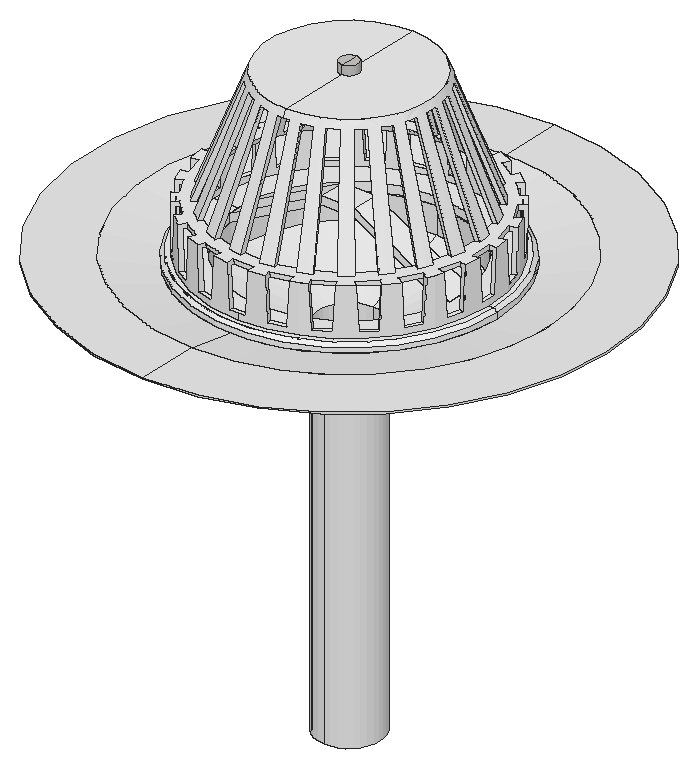
Revit family "Plumbing_Drainage_Menzies-Metal_Clamp-Tite_Aluminum-Drain-TPO", category Plumbing Fixtures, host Face, Revit 2018
Family settings
  Host = Face
  Round Connector Dimension = Use Diameter
  Part Type = Normal
  OmniClass Number = 23.70.50.21.24.11
  OmniClass Title = Roof Waste Water Drains
  Cut with Voids When Loaded = No
  Shared = No
  Room Calculation Point = No
Parameters (values of type "2"")
  Weight = 3.70 lbf
  URL = "https://www.menzies-metal.com/tpo-products/clamp-tite-spun-aluminum-drain-tpo/"
  Product data url = "https://www.bimobject.com/menzies-metal/product/clamptite-aluminum-tpo"
  Product Material = Metal - Menzies Metal Products - Aluminium TPO Coated
  Product Guid = "c5f74f9d-63ae-4ed8-98f6-27b9353a15ad"
  Pipe Length Note = "Longer pipes available.  Pipes can be field cut to the desired length."  # constant formula
  Pipe Length = 0' - 11"
  Pipe Diameter = 1 7/8"
  Model = "300-3390TPO"
  Manufacturer = "Menzies Metal Products"  # constant formula
  Edition number = 1
  Drain Flow = 0 GPM
  Description = "Clamp-Tite Spun Aluminum Drain TPO"  # constant formula
  Default Elevation = 4' - 0"
  Assembly Code = "D2040200"
Types (5): name | Weight | Product Material | Pipe Diameter | Model
  2" | 3.70 lbf | Metal - Menzies Metal Products - Aluminium TPO Coated | 1 7/8" | "300-3390TPO"
  3" | 3.95 lbf | Metal - Menzies Metal Products - Aluminum | 2 3/4" | "300-3395TPO"
  4" | 4.00 lbf | Metal - Menzies Metal Products - Aluminum | 3 3/4" | "300-3400TPO"
  5" | 5.00 lbf | Metal - Menzies Metal Products - Aluminum | 4 3/4" | "300-3401TPO"
  6" | 6.00 lbf | Metal - Menzies Metal Products - Aluminum | 5 3/4" | "300-3402TPO"
Reference planes (in)
  plane 1 "Center (Front/Back)": y = 0
  plane 2: z = 0
  plane 3 "Center (Left/Right)": x = 0
  plane 4: z = -12.94133
  plane 5: y = 0.9375
  plane 6: y = -0.9375
  plane 7: y = 0.40591
  plane 8: y = -0.40591
  plane 9: z = -1.94133
  plane 10: z = 0.05867
Forms (in)
  Revolve 1, solid, material "Metal - Menzies Metal Products - Aluminum", detail levels coarse
    sketch origin (0, 0, 0) x (0, 1, 0) y (0, 0, 1)
      loop
        line (2.40013, 4.98) -> (0, 4.98) -> (0, 0.05387) -> (4.23823, 0.05387) -> (4.23823, 1.48) -> (3.74365, 1.48) -> (2.40013, 4.98)
      axis (0, 4.98) -> (0, 0.05387)
    angle from 0 to 360
  Revolve 2, solid, material "Metal - Menzies Metal Products - Aluminium TPO Coated" <- "Product Material", detail levels coarse
    sketch origin (0, 0, 0) x (0, 1, 0) y (0, 0, 1)
      loop
        line (7.812, 0.05) -> (0, 0.05) -> (0, -12.94133) -> (0.9375, -12.94133) -> (0.9375, -1.863) -> (3.425, -0.98037) -> (3.425, -0.25) -> (4.5, -0.25) -> (6, 0) -> (7.812, 0) -> (7.812, 0.05)
      axis (0, 0.05) -> (0, -12.94133)
    angle from 0 to 360
  Revolve 3, solid, material "Metal - Menzies Metal Products - Stainless Steel", detail levels medium+fine
    sketch origin (0, 0, 0) x (0, 1, 0) y (0, 0, 1)
      loop
        line (0.27255, 5.23) -> (0, 5.23) -> (0, 0.98) -> (0.11813, 0.98) -> (0.11813, 4.98) -> (0.27255, 4.98) -> (0.27255, 5.23)
      axis (0, 5.23) -> (0, 0.98)
    angle from 0 to 360
  Revolve 4, solid, material "Metal - Menzies Metal Products - Aluminum", detail levels medium+fine
    sketch origin (0, 0, 0) x (0, 1, 0) y (0, 0, 1)
      loop
        line (2.40013, 4.98) -> (0, 4.98) -> (0, 4.855) -> (2.31422, 4.855) -> (3.65774, 1.355) -> (4.11323, 1.355) -> (4.11323, 0.05387) -> (4.23823, 0.05387) -> (4.23823, 1.48) -> (3.74365, 1.48) -> (2.40013, 4.98)
      axis (0, 4.98) -> (0, 0.05387)
    angle from 0 to 360
  Extrusion 5, void
    sketch origin (0, 0, 0) x (-1, 0, 0) y (0, 0, 1)
      loop
        line (0.17396, 4.76) -> (-0.17396, 4.76) -> (-0.2885, 1.48) -> (0.2885, 1.48) -> (0.17396, 4.76)
    from -4.68215 to -1.5
  Extrusion 6, void
    sketch origin (0, 0, 0) x (1, 0, 0) y (0, 0, 1)
      loop
        line (-0.25077, 0.23171) -> (0.25077, 0.23171) -> (0.31619, 1.48) -> (-0.31619, 1.48) -> (-0.25077, 0.23171)
    from 4.0004 to 4.40138
  Extrusion 7, void
    sketch origin (0, 0, 0) x (-0.965926, -0.258819, 0) y (0, 0, 1)
      loop
        line (0.17396, 4.76) -> (-0.17396, 4.76) -> (-0.2885, 1.48) -> (0.2885, 1.48) -> (0.17396, 4.76)
    from -4.68215 to -1.5
  Extrusion 8, void
    sketch origin (0, 0, 0) x (0.965926, 0.258819, 0) y (0, 0, 1)
      loop
        line (-0.25077, 0.23171) -> (0.25077, 0.23171) -> (0.31619, 1.48) -> (-0.31619, 1.48) -> (-0.25077, 0.23171)
    from 4.0004 to 4.40138
  Extrusion 9, void
    sketch origin (0, 0, 0) x (-0.866025, -0.5, 0) y (0, 0, 1)
      loop
        line (0.17396, 4.76) -> (-0.17396, 4.76) -> (-0.2885, 1.48) -> (0.2885, 1.48) -> (0.17396, 4.76)
    from -4.68215 to -1.5
  Extrusion 10, void
    sketch origin (0, 0, 0) x (0.866025, 0.5, 0) y (0, 0, 1)
      loop
        line (-0.25077, 0.23171) -> (0.25077, 0.23171) -> (0.31619, 1.48) -> (-0.31619, 1.48) -> (-0.25077, 0.23171)
    from 4.0004 to 4.40138
  Extrusion 11, void
    sketch origin (0, 0, 0) x (-0.707107, -0.707107, 0) y (0, 0, 1)
      loop
        line (0.17396, 4.76) -> (-0.17396, 4.76) -> (-0.2885, 1.48) -> (0.2885, 1.48) -> (0.17396, 4.76)
    from -4.68215 to -1.5
  Extrusion 12, void
    sketch origin (0, 0, 0) x (0.707107, 0.707107, 0) y (0, 0, 1)
      loop
        line (-0.25077, 0.23171) -> (0.25077, 0.23171) -> (0.31619, 1.48) -> (-0.31619, 1.48) -> (-0.25077, 0.23171)
    from 4.0004 to 4.40138
  Extrusion 13, void
    sketch origin (0, 0, 0) x (-0.5, -0.866025, 0) y (0, 0, 1)
      loop
        line (0.17396, 4.76) -> (-0.17396, 4.76) -> (-0.2885, 1.48) -> (0.2885, 1.48) -> (0.17396, 4.76)
    from -4.68215 to -1.5
  Extrusion 14, void
    sketch origin (0, 0, 0) x (0.5, 0.866025, 0) y (0, 0, 1)
      loop
        line (-0.25077, 0.23171) -> (0.25077, 0.23171) -> (0.31619, 1.48) -> (-0.31619, 1.48) -> (-0.25077, 0.23171)
    from 4.0004 to 4.40138
  Extrusion 15, void
    sketch origin (0, 0, 0) x (-0.258819, -0.965926, 0) y (0, 0, 1)
      loop
        line (0.17396, 4.76) -> (-0.17396, 4.76) -> (-0.2885, 1.48) -> (0.2885, 1.48) -> (0.17396, 4.76)
    from -4.68215 to -1.5
  Extrusion 16, void
    sketch origin (0, 0, 0) x (0.258819, 0.965926, 0) y (0, 0, 1)
      loop
        line (-0.25077, 0.23171) -> (0.25077, 0.23171) -> (0.31619, 1.48) -> (-0.31619, 1.48) -> (-0.25077, 0.23171)
    from 4.0004 to 4.40138
  Extrusion 17, void
    sketch origin (0, 0, 0) x (0, -1, 0) y (0, 0, 1)
      loop
        line (0.17396, 4.76) -> (-0.17396, 4.76) -> (-0.2885, 1.48) -> (0.2885, 1.48) -> (0.17396, 4.76)
    from -4.68215 to -1.5
  Extrusion 18, void
    sketch origin (0, 0, 0) x (0, 1, 0) y (0, 0, 1)
      loop
        line (-0.25077, 0.23171) -> (0.25077, 0.23171) -> (0.31619, 1.48) -> (-0.31619, 1.48) -> (-0.25077, 0.23171)
    from 4.0004 to 4.40138
  Extrusion 19, void
    sketch origin (0, 0, 0) x (0.258819, -0.965926, 0) y (0, 0, 1)
      loop
        line (0.17396, 4.76) -> (-0.17396, 4.76) -> (-0.2885, 1.48) -> (0.2885, 1.48) -> (0.17396, 4.76)
    from -4.68215 to -1.5
  Extrusion 20, void
    sketch origin (0, 0, 0) x (-0.258819, 0.965926, 0) y (0, 0, 1)
      loop
        line (-0.25077, 0.23171) -> (0.25077, 0.23171) -> (0.31619, 1.48) -> (-0.31619, 1.48) -> (-0.25077, 0.23171)
    from 4.0004 to 4.40138
  Extrusion 21, void
    sketch origin (0, 0, 0) x (0.5, -0.866025, 0) y (0, 0, 1)
      loop
        line (0.17396, 4.76) -> (-0.17396, 4.76) -> (-0.2885, 1.48) -> (0.2885, 1.48) -> (0.17396, 4.76)
    from -4.68215 to -1.5
  Extrusion 22, void
    sketch origin (0, 0, 0) x (-0.5, 0.866025, 0) y (0, 0, 1)
      loop
        line (-0.25077, 0.23171) -> (0.25077, 0.23171) -> (0.31619, 1.48) -> (-0.31619, 1.48) -> (-0.25077, 0.23171)
    from 4.0004 to 4.40138
  Extrusion 23, void
    sketch origin (0, 0, 0) x (0.707107, -0.707107, 0) y (0, 0, 1)
      loop
        line (0.17396, 4.76) -> (-0.17396, 4.76) -> (-0.2885, 1.48) -> (0.2885, 1.48) -> (0.17396, 4.76)
    from -4.68215 to -1.5
  Extrusion 24, void
    sketch origin (0, 0, 0) x (-0.707107, 0.707107, 0) y (0, 0, 1)
      loop
        line (-0.25077, 0.23171) -> (0.25077, 0.23171) -> (0.31619, 1.48) -> (-0.31619, 1.48) -> (-0.25077, 0.23171)
    from 4.0004 to 4.40138
  Extrusion 25, void
    sketch origin (0, 0, 0) x (0.866025, -0.5, 0) y (0, 0, 1)
      loop
        line (0.17396, 4.76) -> (-0.17396, 4.76) -> (-0.2885, 1.48) -> (0.2885, 1.48) -> (0.17396, 4.76)
    from -4.68215 to -1.5
  Extrusion 26, void
    sketch origin (0, 0, 0) x (-0.866025, 0.5, 0) y (0, 0, 1)
      loop
        line (-0.25077, 0.23171) -> (0.25077, 0.23171) -> (0.31619, 1.48) -> (-0.31619, 1.48) -> (-0.25077, 0.23171)
    from 4.0004 to 4.40138
  Extrusion 27, void
    sketch origin (0, 0, 0) x (0.965926, -0.258819, 0) y (0, 0, 1)
      loop
        line (0.17396, 4.76) -> (-0.17396, 4.76) -> (-0.2885, 1.48) -> (0.2885, 1.48) -> (0.17396, 4.76)
    from -4.68215 to -1.5
  Extrusion 28, void
    sketch origin (0, 0, 0) x (-0.965926, 0.258819, 0) y (0, 0, 1)
      loop
        line (-0.25077, 0.23171) -> (0.25077, 0.23171) -> (0.31619, 1.48) -> (-0.31619, 1.48) -> (-0.25077, 0.23171)
    from 4.0004 to 4.40138
  Extrusion 29, void
    sketch origin (0, 0, 0) x (1, 0, 0) y (0, 0, 1)
      loop
        line (0.17396, 4.76) -> (-0.17396, 4.76) -> (-0.2885, 1.48) -> (0.2885, 1.48) -> (0.17396, 4.76)
    from -4.68215 to -1.5
  Extrusion 30, void
    sketch origin (0, 0, 0) x (-1, 0, 0) y (0, 0, 1)
      loop
        line (-0.25077, 0.23171) -> (0.25077, 0.23171) -> (0.31619, 1.48) -> (-0.31619, 1.48) -> (-0.25077, 0.23171)
    from 4.0004 to 4.40138
  Extrusion 31, void
    sketch origin (0, 0, 0) x (0.965926, 0.258819, 0) y (0, 0, 1)
      loop
        line (0.17396, 4.76) -> (-0.17396, 4.76) -> (-0.2885, 1.48) -> (0.2885, 1.48) -> (0.17396, 4.76)
    from -4.68215 to -1.5
  Extrusion 32, void
    sketch origin (0, 0, 0) x (-0.965926, -0.258819, 0) y (0, 0, 1)
      loop
        line (-0.25077, 0.23171) -> (0.25077, 0.23171) -> (0.31619, 1.48) -> (-0.31619, 1.48) -> (-0.25077, 0.23171)
    from 4.0004 to 4.40138
  Extrusion 33, void
    sketch origin (0, 0, 0) x (0.866025, 0.5, 0) y (0, 0, 1)
      loop
        line (0.17396, 4.76) -> (-0.17396, 4.76) -> (-0.2885, 1.48) -> (0.2885, 1.48) -> (0.17396, 4.76)
    from -4.68215 to -1.5
  Extrusion 34, void
    sketch origin (0, 0, 0) x (-0.866025, -0.5, 0) y (0, 0, 1)
      loop
        line (-0.25077, 0.23171) -> (0.25077, 0.23171) -> (0.31619, 1.48) -> (-0.31619, 1.48) -> (-0.25077, 0.23171)
    from 4.0004 to 4.40138
  Extrusion 35, void
    sketch origin (0, 0, 0) x (0.707107, 0.707107, 0) y (0, 0, 1)
      loop
        line (0.17396, 4.76) -> (-0.17396, 4.76) -> (-0.2885, 1.48) -> (0.2885, 1.48) -> (0.17396, 4.76)
    from -4.68215 to -1.5
  Extrusion 36, void
    sketch origin (0, 0, 0) x (-0.707107, -0.707107, 0) y (0, 0, 1)
      loop
        line (-0.25077, 0.23171) -> (0.25077, 0.23171) -> (0.31619, 1.48) -> (-0.31619, 1.48) -> (-0.25077, 0.23171)
    from 4.0004 to 4.40138
  Extrusion 37, void
    sketch origin (0, 0, 0) x (0.5, 0.866025, 0) y (0, 0, 1)
      loop
        line (0.17396, 4.76) -> (-0.17396, 4.76) -> (-0.2885, 1.48) -> (0.2885, 1.48) -> (0.17396, 4.76)
    from -4.68215 to -1.5
  Extrusion 38, void
    sketch origin (0, 0, 0) x (-0.5, -0.866025, 0) y (0, 0, 1)
      loop
        line (-0.25077, 0.23171) -> (0.25077, 0.23171) -> (0.31619, 1.48) -> (-0.31619, 1.48) -> (-0.25077, 0.23171)
    from 4.0004 to 4.40138
  Extrusion 39, void
    sketch origin (0, 0, 0) x (0.258819, 0.965926, 0) y (0, 0, 1)
      loop
        line (0.17396, 4.76) -> (-0.17396, 4.76) -> (-0.2885, 1.48) -> (0.2885, 1.48) -> (0.17396, 4.76)
    from -4.68215 to -1.5
  Extrusion 40, void
    sketch origin (0, 0, 0) x (-0.258819, -0.965926, 0) y (0, 0, 1)
      loop
        line (-0.25077, 0.23171) -> (0.25077, 0.23171) -> (0.31619, 1.48) -> (-0.31619, 1.48) -> (-0.25077, 0.23171)
    from 4.0004 to 4.40138
  Extrusion 41, void
    sketch origin (0, 0, 0) x (0, 1, 0) y (0, 0, 1)
      loop
        line (0.17396, 4.76) -> (-0.17396, 4.76) -> (-0.2885, 1.48) -> (0.2885, 1.48) -> (0.17396, 4.76)
    from -4.68215 to -1.5
  Extrusion 42, void
    sketch origin (0, 0, 0) x (0, -1, 0) y (0, 0, 1)
      loop
        line (-0.25077, 0.23171) -> (0.25077, 0.23171) -> (0.31619, 1.48) -> (-0.31619, 1.48) -> (-0.25077, 0.23171)
    from 4.0004 to 4.40138
  Extrusion 43, void
    sketch origin (0, 0, 0) x (-0.258819, 0.965926, 0) y (0, 0, 1)
      loop
        line (0.17396, 4.76) -> (-0.17396, 4.76) -> (-0.2885, 1.48) -> (0.2885, 1.48) -> (0.17396, 4.76)
    from -4.68215 to -1.5
  Extrusion 44, void
    sketch origin (0, 0, 0) x (0.258819, -0.965926, 0) y (0, 0, 1)
      loop
        line (-0.25077, 0.23171) -> (0.25077, 0.23171) -> (0.31619, 1.48) -> (-0.31619, 1.48) -> (-0.25077, 0.23171)
    from 4.0004 to 4.40138
  Extrusion 45, void
    sketch origin (0, 0, 0) x (-0.5, 0.866025, 0) y (0, 0, 1)
      loop
        line (0.17396, 4.76) -> (-0.17396, 4.76) -> (-0.2885, 1.48) -> (0.2885, 1.48) -> (0.17396, 4.76)
    from -4.68215 to -1.5
  Extrusion 46, void
    sketch origin (0, 0, 0) x (0.5, -0.866025, 0) y (0, 0, 1)
      loop
        line (-0.25077, 0.23171) -> (0.25077, 0.23171) -> (0.31619, 1.48) -> (-0.31619, 1.48) -> (-0.25077, 0.23171)
    from 4.0004 to 4.40138
  Extrusion 47, void
    sketch origin (0, 0, 0) x (-0.707107, 0.707107, 0) y (0, 0, 1)
      loop
        line (0.17396, 4.76) -> (-0.17396, 4.76) -> (-0.2885, 1.48) -> (0.2885, 1.48) -> (0.17396, 4.76)
    from -4.68215 to -1.5
  Extrusion 48, void
    sketch origin (0, 0, 0) x (0.707107, -0.707107, 0) y (0, 0, 1)
      loop
        line (-0.25077, 0.23171) -> (0.25077, 0.23171) -> (0.31619, 1.48) -> (-0.31619, 1.48) -> (-0.25077, 0.23171)
    from 4.0004 to 4.40138
  Extrusion 49, void
    sketch origin (0, 0, 0) x (-0.866025, 0.5, 0) y (0, 0, 1)
      loop
        line (0.17396, 4.76) -> (-0.17396, 4.76) -> (-0.2885, 1.48) -> (0.2885, 1.48) -> (0.17396, 4.76)
    from -4.68215 to -1.5
  Extrusion 50, void
    sketch origin (0, 0, 0) x (0.866025, -0.5, 0) y (0, 0, 1)
      loop
        line (-0.25077, 0.23171) -> (0.25077, 0.23171) -> (0.31619, 1.48) -> (-0.31619, 1.48) -> (-0.25077, 0.23171)
    from 4.0004 to 4.40138
  Extrusion 51, void
    sketch origin (0, 0, 0) x (-0.965926, 0.258819, 0) y (0, 0, 1)
      loop
        line (0.17396, 4.76) -> (-0.17396, 4.76) -> (-0.2885, 1.48) -> (0.2885, 1.48) -> (0.17396, 4.76)
    from -4.68215 to -1.5
  Extrusion 52, void
    sketch origin (0, 0, 0) x (0.965926, -0.258819, 0) y (0, 0, 1)
      loop
        line (-0.25077, 0.23171) -> (0.25077, 0.23171) -> (0.31619, 1.48) -> (-0.31619, 1.48) -> (-0.25077, 0.23171)
    from 4.0004 to 4.40138
  Extrusion 53, solid, material "Metal - Menzies Metal Products - Aluminum", detail levels medium+fine
    sketch origin (0, 0, 0) x (1, 0, 0) y (0, 0, 1)
      loop
        line (-3.375, 0.05) -> (-3.375, -0.19772) -> (-0.50436, 1.3) -> (0.50436, 1.3) -> (3.375, -0.19772) -> (3.375, 0.05) -> (0.5, 1.55) -> (-0.5, 1.55) -> (-3.375, 0.05)
    from -0.40591 to 0.40591
  Revolve 54, solid, material "Metal - Menzies Metal Products - Aluminum", detail levels medium+fine
    sketch origin (0, 0, 0) x (1, 0, 0) y (0, 0, 1)
      loop
        line (-3.375, -0.19772) -> (-3.375, 0.05) -> (-4.39127, 0.05) -> (-4.4953, -0.05403) -> (-4.50032, -0.19772) -> (-3.375, -0.19772)
      axis (0, 0.05) -> (0, -0.19772)
    angle from 0 to 360
  Revolve 55, solid, material "Metal - Menzies Metal Products - Aluminium TPO Coated" <- "Product Material", detail levels medium+fine
    sketch origin (0, 0, 0) x (0, 1, 0) y (0, 0, 1)
      loop
        line (0.9375, -1.863) -> (3.425, -0.98037) -> (3.425, -0.25) -> (4.5, -0.25) -> (6, 0) -> (7.812, 0) -> (7.812, 0.05) -> (5.98665, 0.05) -> (4.50032, -0.19772) -> (3.34462, -0.19772) -> (3.34462, -0.98037) -> (0.88672, -1.84466) -> (0.88672, -12.94133) -> (0.9375, -12.94133) -> (0.9375, -1.863)
      axis (0, 0.05) -> (0, -12.94133)
    angle from 0 to 360
  Revolve 56, void
    sketch origin (0, 0, 0) x (0, 1, 0) y (0, 0, 1)
      loop
        line (0.9375, -12.94133) -> (0.9375, -1.863) -> (6, 0) -> (0, 0) -> (0, -12.94133) -> (0.9375, -12.94133)
      axis (0, 0) -> (0, -12.94133)
    angle from 0 to 360
Cuts and joins
  Extrusion 5, Extrusion 6, Extrusion 7, Extrusion 8, Extrusion 9, Extrusion 10, Extrusion 11, Extrusion 12, Extrusion 13, Extrusion 14, Extrusion 15, Extrusion 16, Extrusion 17, Extrusion 18, Extrusion 19, Extrusion 20, Extrusion 21, Extrusion 22, Extrusion 23, Extrusion 24, Extrusion 25, Extrusion 26, Extrusion 27, Extrusion 28, Extrusion 29, Extrusion 30, Extrusion 31, Extrusion 32, Extrusion 33, Extrusion 34, Extrusion 35, Extrusion 36, Extrusion 37, Extrusion 38, Extrusion 39, Extrusion 40, Extrusion 41, Extrusion 42, Extrusion 43, Extrusion 44, Extrusion 45, Extrusion 46, Extrusion 47, Extrusion 48, Extrusion 49, Extrusion 50, Extrusion 51, Extrusion 52 cuts Revolve 4
Lines and regions (in)
  Masking region 1
    outline origin (0, 0, 0) x (1, 0, 0) y (0, 1, 0)
      loop
        circle (0, 0) r 7.812
  symbolic lines, detail levels medium+fine
    curve 1: arc (4.39127, 0, 0) -> (0, 4.39127, 0) -> (-4.39127, 0, 0) r 4.39127
    curve 2: arc (-4.39127, 0, 0) -> (0, -4.39127, 0) -> (4.39127, 0, 0) r 4.39127
  symbolic lines, style "PlumbingFixturesHiddenLines", detail levels medium+fine
    curve 3: arc (0, -0.9375, 0) -> (0.9375, 0, 0) -> (0, 0.9375, 0) r 0.9375
    curve 4: arc (0, 0.9375, 0) -> (-0.9375, 0, 0) -> (0, -0.9375, 0) r 0.9375
Dimensions and locks (in)
  Revolve 1 sketch curve to Revolve 1 sketch curve to Revolve 1 sketch curve to Revolve 1 sketch curve = 0' - 0.49457" locked, 0' - 1.34352" locked, 0' - 2.40013" locked
  Revolve 1 sketch curve to Revolve 1 sketch curve to Revolve 1 sketch curve to level = 0' - 3 1/2" locked, 0' - 1.42613" locked, 0' - 0.05387" locked
  equal spacing: plane 5, plane 1 "Center (Front/Back)", plane 6
  "Pipe Diameter": plane 5 to plane 6
  Revolve 2 sketch curve to level to host face to Revolve 2 sketch curve to Revolve 2 sketch curve = 0' - 0.05" locked, 0' - 0" locked, 0' - 0 1/4" locked, 0' - 0.73037" locked
  locked: level to Revolve 2 sketch curve at 1.863
  Revolve 2 sketch curve to Revolve 2 sketch curve to Revolve 2 sketch curve to Revolve 2 sketch curve to plane 1 "Center (Front/Back)" = 0' - 1.812" locked, 0' - 1 1/2" locked, 0' - 1.075" locked, 0' - 3.425" locked
  Revolve 3 sketch curve to Revolve 3 sketch curve to Revolve 3 sketch curve to Revolve 3 sketch curve = 0' - 0.15442", 0' - 0.11813" locked, 0' - 0" locked
  Revolve 3 sketch curve to Revolve 3 sketch curve to Revolve 3 sketch curve to plane 2 = 0' - 0 1/4" locked, 0' - 4" locked, 0' - 0.98" locked
  Revolve 4 sketch curve to Revolve 4 sketch curve to Revolve 4 sketch curve to Revolve 4 sketch curve to Revolve 4 sketch curve to Revolve 4 sketch curve to plane 1 "Center (Front/Back)" = 0' - 0 1/8" locked, 0' - 0.36957" locked, 0' - 0.08591" locked, 0' - 1.25761" locked, 0' - 0.08591" locked, 0' - 2.31422" locked
  Revolve 4 sketch curve to Revolve 4 sketch curve to level = 0' - 3 1/2" locked, 0' - 1.355" locked
  Extrusion 5 sketch curve to Extrusion 5 sketch curve to Extrusion 5 sketch curve to Extrusion 5 sketch curve = 0' - 0.11454", 0' - 0.34792" locked, 0' - 0.11454"
  locked: Extrusion 5 sketch curve to Extrusion 5 sketch curve at 3.28
  Extrusion 6 sketch curve to Extrusion 6 sketch curve to Extrusion 6 sketch curve to Extrusion 6 sketch curve = 0' - 0.06542" locked, 0' - 0.50155" locked, 0' - 0.06542" locked
  locked: Extrusion 6 sketch curve to Extrusion 6 sketch curve at 1.24829
  Extrusion 7 sketch curve to Extrusion 7 sketch curve to Extrusion 7 sketch curve to Extrusion 7 sketch curve = 0' - 0.11454", 0' - 0.34792" locked, 0' - 0.11454"
  locked: Extrusion 7 sketch curve to Extrusion 7 sketch curve at 3.28
  Extrusion 8 sketch curve to Extrusion 8 sketch curve to Extrusion 8 sketch curve to Extrusion 8 sketch curve = 0' - 0.06542" locked, 0' - 0.50155" locked, 0' - 0.06542" locked
  locked: Extrusion 8 sketch curve to Extrusion 8 sketch curve at 1.24829
  Extrusion 9 sketch curve to Extrusion 9 sketch curve to Extrusion 9 sketch curve to Extrusion 9 sketch curve = 0' - 0.11454", 0' - 0.34792" locked, 0' - 0.11454"
  locked: Extrusion 9 sketch curve to Extrusion 9 sketch curve at 3.28
  Extrusion 10 sketch curve to Extrusion 10 sketch curve to Extrusion 10 sketch curve to Extrusion 10 sketch curve = 0' - 0.06542" locked, 0' - 0.50155" locked, 0' - 0.06542" locked
  locked: Extrusion 10 sketch curve to Extrusion 10 sketch curve at 1.24829
  Extrusion 11 sketch curve to Extrusion 11 sketch curve to Extrusion 11 sketch curve to Extrusion 11 sketch curve = 0' - 0.11454", 0' - 0.34792" locked, 0' - 0.11454"
  locked: Extrusion 11 sketch curve to Extrusion 11 sketch curve at 3.28
  Extrusion 12 sketch curve to Extrusion 12 sketch curve to Extrusion 12 sketch curve to Extrusion 12 sketch curve = 0' - 0.06542" locked, 0' - 0.50155" locked, 0' - 0.06542" locked
  locked: Extrusion 12 sketch curve to Extrusion 12 sketch curve at 1.24829
  Extrusion 13 sketch curve to Extrusion 13 sketch curve to Extrusion 13 sketch curve to Extrusion 13 sketch curve = 0' - 0.11454", 0' - 0.34792" locked, 0' - 0.11454"
  locked: Extrusion 13 sketch curve to Extrusion 13 sketch curve at 3.28
  Extrusion 14 sketch curve to Extrusion 14 sketch curve to Extrusion 14 sketch curve to Extrusion 14 sketch curve = 0' - 0.06542" locked, 0' - 0.50155" locked, 0' - 0.06542" locked
  locked: Extrusion 14 sketch curve to Extrusion 14 sketch curve at 1.24829
  Extrusion 15 sketch curve to Extrusion 15 sketch curve to Extrusion 15 sketch curve to Extrusion 15 sketch curve = 0' - 0.11454", 0' - 0.34792" locked, 0' - 0.11454"
  locked: Extrusion 15 sketch curve to Extrusion 15 sketch curve at 3.28
  Extrusion 16 sketch curve to Extrusion 16 sketch curve to Extrusion 16 sketch curve to Extrusion 16 sketch curve = 0' - 0.06542" locked, 0' - 0.50155" locked, 0' - 0.06542" locked
  locked: Extrusion 16 sketch curve to Extrusion 16 sketch curve at 1.24829
  Extrusion 17 sketch curve to Extrusion 17 sketch curve to Extrusion 17 sketch curve to Extrusion 17 sketch curve = 0' - 0.11454", 0' - 0.34792" locked, 0' - 0.11454"
  locked: Extrusion 17 sketch curve to Extrusion 17 sketch curve at 3.28
  Extrusion 18 sketch curve to Extrusion 18 sketch curve to Extrusion 18 sketch curve to Extrusion 18 sketch curve = 0' - 0.06542" locked, 0' - 0.50155" locked, 0' - 0.06542" locked
  locked: Extrusion 18 sketch curve to Extrusion 18 sketch curve at 1.24829
  Extrusion 19 sketch curve to Extrusion 19 sketch curve to Extrusion 19 sketch curve to Extrusion 19 sketch curve = 0' - 0.11454", 0' - 0.34792" locked, 0' - 0.11454"
  locked: Extrusion 19 sketch curve to Extrusion 19 sketch curve at 3.28
  Extrusion 20 sketch curve to Extrusion 20 sketch curve to Extrusion 20 sketch curve to Extrusion 20 sketch curve = 0' - 0.06542" locked, 0' - 0.50155" locked, 0' - 0.06542" locked
  locked: Extrusion 20 sketch curve to Extrusion 20 sketch curve at 1.24829
  Extrusion 21 sketch curve to Extrusion 21 sketch curve to Extrusion 21 sketch curve to Extrusion 21 sketch curve = 0' - 0.11454", 0' - 0.34792" locked, 0' - 0.11454"
  locked: Extrusion 21 sketch curve to Extrusion 21 sketch curve at 3.28
  Extrusion 22 sketch curve to Extrusion 22 sketch curve to Extrusion 22 sketch curve to Extrusion 22 sketch curve = 0' - 0.06542" locked, 0' - 0.50155" locked, 0' - 0.06542" locked
  locked: Extrusion 22 sketch curve to Extrusion 22 sketch curve at 1.24829
  Extrusion 23 sketch curve to Extrusion 23 sketch curve to Extrusion 23 sketch curve to Extrusion 23 sketch curve = 0' - 0.11454", 0' - 0.34792" locked, 0' - 0.11454"
  locked: Extrusion 23 sketch curve to Extrusion 23 sketch curve at 3.28
  Extrusion 24 sketch curve to Extrusion 24 sketch curve to Extrusion 24 sketch curve to Extrusion 24 sketch curve = 0' - 0.06542" locked, 0' - 0.50155" locked, 0' - 0.06542" locked
  locked: Extrusion 24 sketch curve to Extrusion 24 sketch curve at 1.24829
  Extrusion 25 sketch curve to Extrusion 25 sketch curve to Extrusion 25 sketch curve to Extrusion 25 sketch curve = 0' - 0.11454", 0' - 0.34792" locked, 0' - 0.11454"
  locked: Extrusion 25 sketch curve to Extrusion 25 sketch curve at 3.28
  Extrusion 26 sketch curve to Extrusion 26 sketch curve to Extrusion 26 sketch curve to Extrusion 26 sketch curve = 0' - 0.06542" locked, 0' - 0.50155" locked, 0' - 0.06542" locked
  locked: Extrusion 26 sketch curve to Extrusion 26 sketch curve at 1.24829
  Extrusion 27 sketch curve to Extrusion 27 sketch curve to Extrusion 27 sketch curve to Extrusion 27 sketch curve = 0' - 0.11454", 0' - 0.34792" locked, 0' - 0.11454"
  locked: Extrusion 27 sketch curve to Extrusion 27 sketch curve at 3.28
  Extrusion 28 sketch curve to Extrusion 28 sketch curve to Extrusion 28 sketch curve to Extrusion 28 sketch curve = 0' - 0.06542" locked, 0' - 0.50155" locked, 0' - 0.06542" locked
  locked: Extrusion 28 sketch curve to Extrusion 28 sketch curve at 1.24829
  Extrusion 29 sketch curve to Extrusion 29 sketch curve to Extrusion 29 sketch curve to Extrusion 29 sketch curve = 0' - 0.11454", 0' - 0.34792" locked, 0' - 0.11454"
  locked: Extrusion 29 sketch curve to Extrusion 29 sketch curve at 3.28
  Extrusion 30 sketch curve to Extrusion 30 sketch curve to Extrusion 30 sketch curve to Extrusion 30 sketch curve = 0' - 0.06542" locked, 0' - 0.50155" locked, 0' - 0.06542" locked
  locked: Extrusion 30 sketch curve to Extrusion 30 sketch curve at 1.24829
  Extrusion 31 sketch curve to Extrusion 31 sketch curve to Extrusion 31 sketch curve to Extrusion 31 sketch curve = 0' - 0.11454", 0' - 0.34792" locked, 0' - 0.11454"
  locked: Extrusion 31 sketch curve to Extrusion 31 sketch curve at 3.28
  Extrusion 32 sketch curve to Extrusion 32 sketch curve to Extrusion 32 sketch curve to Extrusion 32 sketch curve = 0' - 0.06542" locked, 0' - 0.50155" locked, 0' - 0.06542" locked
  locked: Extrusion 32 sketch curve to Extrusion 32 sketch curve at 1.24829
  Extrusion 33 sketch curve to Extrusion 33 sketch curve to Extrusion 33 sketch curve to Extrusion 33 sketch curve = 0' - 0.11454", 0' - 0.34792" locked, 0' - 0.11454"
  locked: Extrusion 33 sketch curve to Extrusion 33 sketch curve at 3.28
  Extrusion 34 sketch curve to Extrusion 34 sketch curve to Extrusion 34 sketch curve to Extrusion 34 sketch curve = 0' - 0.06542" locked, 0' - 0.50155" locked, 0' - 0.06542" locked
  locked: Extrusion 34 sketch curve to Extrusion 34 sketch curve at 1.24829
  Extrusion 35 sketch curve to Extrusion 35 sketch curve to Extrusion 35 sketch curve to Extrusion 35 sketch curve = 0' - 0.11454", 0' - 0.34792" locked, 0' - 0.11454"
  locked: Extrusion 35 sketch curve to Extrusion 35 sketch curve at 3.28
  Extrusion 36 sketch curve to Extrusion 36 sketch curve to Extrusion 36 sketch curve to Extrusion 36 sketch curve = 0' - 0.06542" locked, 0' - 0.50155" locked, 0' - 0.06542" locked
  locked: Extrusion 36 sketch curve to Extrusion 36 sketch curve at 1.24829
  Extrusion 37 sketch curve to Extrusion 37 sketch curve to Extrusion 37 sketch curve to Extrusion 37 sketch curve = 0' - 0.11454", 0' - 0.34792" locked, 0' - 0.11454"
  locked: Extrusion 37 sketch curve to Extrusion 37 sketch curve at 3.28
  Extrusion 38 sketch curve to Extrusion 38 sketch curve to Extrusion 38 sketch curve to Extrusion 38 sketch curve = 0' - 0.06542" locked, 0' - 0.50155" locked, 0' - 0.06542" locked
  locked: Extrusion 38 sketch curve to Extrusion 38 sketch curve at 1.24829
  Extrusion 39 sketch curve to Extrusion 39 sketch curve to Extrusion 39 sketch curve to Extrusion 39 sketch curve = 0' - 0.11454", 0' - 0.34792" locked, 0' - 0.11454"
  locked: Extrusion 39 sketch curve to Extrusion 39 sketch curve at 3.28
  Extrusion 40 sketch curve to Extrusion 40 sketch curve to Extrusion 40 sketch curve to Extrusion 40 sketch curve = 0' - 0.06542" locked, 0' - 0.50155" locked, 0' - 0.06542" locked
  locked: Extrusion 40 sketch curve to Extrusion 40 sketch curve at 1.24829
  Extrusion 41 sketch curve to Extrusion 41 sketch curve to Extrusion 41 sketch curve to Extrusion 41 sketch curve = 0' - 0.11454", 0' - 0.34792" locked, 0' - 0.11454"
  locked: Extrusion 41 sketch curve to Extrusion 41 sketch curve at 3.28
  Extrusion 42 sketch curve to Extrusion 42 sketch curve to Extrusion 42 sketch curve to Extrusion 42 sketch curve = 0' - 0.06542" locked, 0' - 0.50155" locked, 0' - 0.06542" locked
  locked: Extrusion 42 sketch curve to Extrusion 42 sketch curve at 1.24829
  Extrusion 43 sketch curve to Extrusion 43 sketch curve to Extrusion 43 sketch curve to Extrusion 43 sketch curve = 0' - 0.11454", 0' - 0.34792" locked, 0' - 0.11454"
  locked: Extrusion 43 sketch curve to Extrusion 43 sketch curve at 3.28
  Extrusion 44 sketch curve to Extrusion 44 sketch curve to Extrusion 44 sketch curve to Extrusion 44 sketch curve = 0' - 0.06542" locked, 0' - 0.50155" locked, 0' - 0.06542" locked
  locked: Extrusion 44 sketch curve to Extrusion 44 sketch curve at 1.24829
  Extrusion 45 sketch curve to Extrusion 45 sketch curve to Extrusion 45 sketch curve to Extrusion 45 sketch curve = 0' - 0.11454", 0' - 0.34792" locked, 0' - 0.11454"
  locked: Extrusion 45 sketch curve to Extrusion 45 sketch curve at 3.28
  Extrusion 46 sketch curve to Extrusion 46 sketch curve to Extrusion 46 sketch curve to Extrusion 46 sketch curve = 0' - 0.06542" locked, 0' - 0.50155" locked, 0' - 0.06542" locked
  locked: Extrusion 46 sketch curve to Extrusion 46 sketch curve at 1.24829
  Extrusion 47 sketch curve to Extrusion 47 sketch curve to Extrusion 47 sketch curve to Extrusion 47 sketch curve = 0' - 0.11454", 0' - 0.34792" locked, 0' - 0.11454"
  locked: Extrusion 47 sketch curve to Extrusion 47 sketch curve at 3.28
  Extrusion 48 sketch curve to Extrusion 48 sketch curve to Extrusion 48 sketch curve to Extrusion 48 sketch curve = 0' - 0.06542" locked, 0' - 0.50155" locked, 0' - 0.06542" locked
  locked: Extrusion 48 sketch curve to Extrusion 48 sketch curve at 1.24829
  Extrusion 49 sketch curve to Extrusion 49 sketch curve to Extrusion 49 sketch curve to Extrusion 49 sketch curve = 0' - 0.11454", 0' - 0.34792" locked, 0' - 0.11454"
  locked: Extrusion 49 sketch curve to Extrusion 49 sketch curve at 3.28
  Extrusion 50 sketch curve to Extrusion 50 sketch curve to Extrusion 50 sketch curve to Extrusion 50 sketch curve = 0' - 0.06542" locked, 0' - 0.50155" locked, 0' - 0.06542" locked
  locked: Extrusion 50 sketch curve to Extrusion 50 sketch curve at 1.24829
  Extrusion 51 sketch curve to Extrusion 51 sketch curve to Extrusion 51 sketch curve to Extrusion 51 sketch curve = 0' - 0.11454", 0' - 0.34792" locked, 0' - 0.11454"
  locked: Extrusion 51 sketch curve to Extrusion 51 sketch curve at 3.28
  Extrusion 52 sketch curve to Extrusion 52 sketch curve to Extrusion 52 sketch curve to Extrusion 52 sketch curve = 0' - 0.06542" locked, 0' - 0.50155" locked, 0' - 0.06542" locked
  locked: Extrusion 52 sketch curve to Extrusion 52 sketch curve at 1.24829
  Extrusion 53 sketch curve to Extrusion 53 sketch curve to Extrusion 53 sketch curve to plane 3 "Center (Left/Right)" to Extrusion 53 sketch curve to Extrusion 53 sketch curve to Extrusion 53 sketch curve = 0' - 2.87064" locked, 0' - 0.00436" locked, 0' - 0 1/2" locked, 0' - 0 1/2" locked, 0' - 0.00436" locked, 0' - 2.87064" locked
  Extrusion 53 sketch curve to Extrusion 53 sketch curve to Extrusion 53 sketch curve to Extrusion 53 sketch curve to level to Extrusion 53 sketch curve to Extrusion 53 sketch curve = 0' - 0 1/4" locked, 0' - 1 1/4" locked, 0' - 0" locked, 0' - 0.05" locked, 0' - 0.19772" locked, 0' - 0" locked
  equal spacing: plane 8, plane 1 "Center (Front/Back)", plane 7
  locked: plane 7 to plane 8 at 0.81181
  Revolve 54 sketch curve to level to Revolve 54 sketch curve to Revolve 54 sketch curve = 0' - 0.05" locked, 0' - 0.05403" locked, 0' - 0.1437" locked
  plane 3 "Center (Left/Right)" to Extrusion 53 to Revolve 54 sketch curve to Revolve 54 sketch curve to Revolve 54 sketch curve = 0' - 3 3/8" locked, 0' - 1.01627" locked, 0' - 0.10403" locked, 0' - 0.00502" locked
  locked: plane 5 to Revolve 55 sketch curve at 0.05078
  Revolve 55 sketch curve to Revolve 55 sketch curve to Revolve 55 sketch curve to Revolve 55 sketch curve to Revolve 55 sketch curve to Revolve 55 sketch curve to Revolve 55 sketch curve to Revolve 55 sketch curve = 0' - 1.812" locked, 0' - 0.01335" locked, 0' - 1.48634" locked, 0' - 0.00032" locked, 0' - 1.075" locked, 0' - 0.08038" locked, 0' - 3.34462" locked
  Revolve 55 sketch curve to level to Revolve 55 sketch curve to Revolve 55 sketch curve to Revolve 55 sketch curve to Revolve 55 sketch curve to Revolve 55 sketch curve to Revolve 55 sketch curve to Revolve 55 sketch curve = 0' - 0.05" locked, 0' - 0" locked, 0' - 0.19772" locked, 0' - 0.05228" locked, 0' - 0.73037" locked, 0' - 0" locked, 0' - 0.86429" locked, 0' - 0.01833" locked
  locked: level to Revolve 56 sketch curve at 1.863
  locked: Revolve 56 sketch curve to Revolve 56 sketch curve at 6
  locked: plane 10 to plane 2 at 0.05867
  locked: plane 10 to plane 9 at 2
  "Pipe Length": plane 9 to plane 4
  aligned and locked: plane 2 to host face
  aligned and locked: level to host face
  aligned and locked: Revolve 2 sketch curve to plane 4
  aligned and locked: Revolve 2 sketch curve to plane 5
  aligned and locked: Revolve 3 sketch curve to plane 1 "Center (Front/Back)"
  aligned and locked: Revolve 4 sketch curve to plane 1 "Center (Front/Back)"
  aligned and locked: Revolve 4 sketch curve to Revolve 1  (x3)
  aligned and locked: plane 1 "Center (Front/Back)" to Revolve 4 sketch curve
  aligned and locked: plane 7 to Extrusion 53
  aligned and locked: Extrusion 53 to plane 8
  aligned and locked: Revolve 54 sketch curve to plane 3 "Center (Left/Right)"
  aligned and locked: Revolve 55 sketch curve to plane 1 "Center (Front/Back)"
  aligned and locked: plane 5 to Revolve 55 sketch curve
  aligned and locked: Revolve 55 sketch curve to plane 4
  aligned and locked: Revolve 56 sketch curve to plane 1 "Center (Front/Back)"
  aligned and locked: Revolve 56 sketch curve to plane 2
  aligned and locked: Revolve 56 sketch curve to plane 4
  aligned and locked: Revolve 56 sketch curve to plane 5
  aligned and locked: Masking region 1 sketch curve to Revolve 55  (x2)
  aligned and locked: curve 1 to Revolve 54
  aligned and locked: curve 2 to Revolve 54
  aligned and locked: curve 3 to Revolve 55
  aligned and locked: curve 4 to Revolve 55
Automatic sketch dimensions
  host sketch curve to host sketch curve = 8' - 0"  (x2)
  Revolve 1 sketch curve to plane 1 "Center (Front/Back)" = 0' - 0"  (x2)
  Revolve 1 sketch curve to plane 4 = 0' - 7.17947"
  Revolve 1 sketch curve to Revolve 1 sketch curve = 7' - 3.29586"
  Revolve 2 sketch curve to plane 1 "Center (Front/Back)" = 0' - 0"  (x2)
  Revolve 2 sketch curve to level = 0' - 0"
  Revolve 2 sketch curve to plane 4 = 0' - 7.17947"
  Revolve 2 sketch curve to Revolve 2 sketch curve = 7' - 8.22586"
  Revolve 3 sketch curve to plane 4 = 1' - 8 1/4"
  Revolve 3 sketch curve to Revolve 3 sketch curve = 7' - 3.04586"
  Revolve 4 sketch curve to plane 4 = 1' - 8 1/4"
  Revolve 4 sketch curve to Revolve 4 sketch curve = 7' - 3.29586"
  Revolve 54 sketch curve to Revolve 54 sketch curve = 0' - 1.01627"
  Revolve 54 sketch curve to plane 4 = 1' - 8 1/4"
  level to Revolve 54 sketch curve = 8' - 6.71882"
  Revolve 55 sketch curve to Revolve 55 sketch curve = 1' - 8 1/4"
  Revolve 55 sketch curve to Revolve 55 sketch curve = 7' - 10.13885"
  Revolve 56 sketch curve to plane 1 "Center (Front/Back)" = 0' - 0"
  Revolve 56 sketch curve to plane 4 = 1' - 8 1/4"
  Revolve 56 sketch curve to Revolve 56 sketch curve = 7' - 8.27586"
  level to Extrusion 31 sketch curve = 0' - 1.48"
  level to Extrusion 32 sketch curve = 0' - 1.48"
  level to Extrusion 21 sketch curve = 0' - 1.48"
  level to Extrusion 22 sketch curve = 0' - 1.48"
Connectors (in)
  piping at (0, 0, -12.94133), diameter 1.875, driven by "Drain Flow", driven by "Pipe Diameter"
    settings: on Revolve 55, index 1, connector inside diameter 24", connector length 0' - 0", flow factor 0, pipe flow 0 GPM, pressure drop 0.00 psi, fitting loss kfactor 0, connector angle 0.00°, fixture units 0, engagement length 0' - 0", angle of deflection 0.00°, flow configuration 0, flow direction 2, fitting loss method 0, system type 22, joint type 0, gender type 0, connector reference index -1, connector utility 0, adjustable connector no, is connector primary yes, connector description "Connector for Roof Drain"
